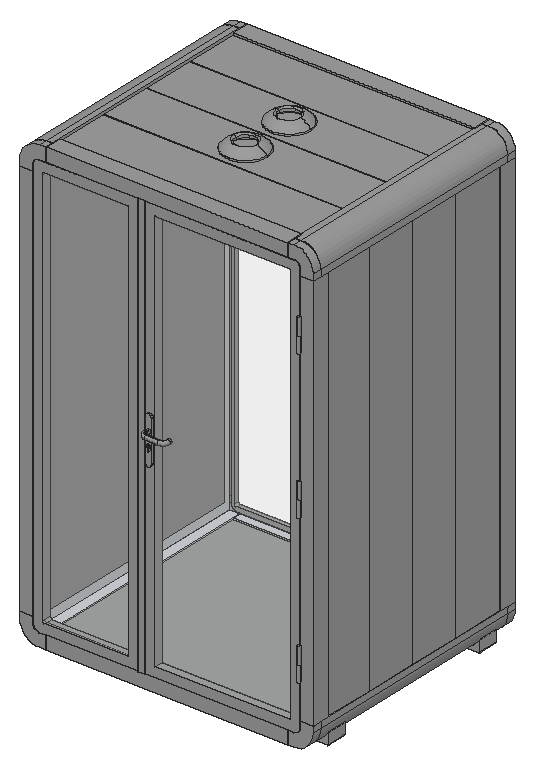
Revit family "Inbox Booths_Medium Booth", category Furniture, Revit 2024
Family settings
  OmniClass Number = 23.40.20.00
  OmniClass Title = General Furniture and Specialties
  Work Plane-Based = No
  Enable Cutting in Views = No
  Always vertical = Yes
  Cut with Voids When Loaded = No
  Render Appearance Source = Family Geometry
  Shared = No
  Room Calculation Point = No
Parameters
  WIDTH (DO NOT EDIT) = 1500 mm  # constant formula
  WEIGHT (DO NOT EDIT) = "387 kg"  # constant formula
  URL = "https://inboxbooths.com/"
  Type Comments = "Medium Booth"
  Product Specific URL (Manufacturer) = "https://inboxbooths.com/product/one-plus-booth/"
  Product Category = "Loose Furniture"
  OwnedBy = "Inbox Booths"  # constant formula
  Model = "Medium Booth"
  Manufacturer = "Inbox Booths"  # constant formula
  HEIGHT (DO NOT EDIT) = 2300 mm  # constant formula
  Description = "Medium portable privacy booth offers individual users a confidential space for phone calls or private meetings in any environment.\r\nportable privacy booth offers individual users a confidential space for phone calls or private meetings in any environment.\r\nportable privacy booth offers individual users a confidential space for phone calls or private meetings in any environment."
  Default Elevation [instance] = 0 mm
  DEPTH (DO NOT EDIT) = 1286 mm  # constant formula
  CreatedBy = "Inbox Booths"  # constant formula
  BIM Content Publish Revit Version = "Revit 2024.1"  # constant formula
  BIM Content Publish Date = "26.4.2024"  # constant formula
  BIM Content Copyright = "Inbox Booths"  # constant formula
  BB_Set Out Lines = yes
  BB_Pet Panel = Default
  BB_Light Source = Default Light Source
  BB_Hardware (non-editable finish) = Default
  BB_Glass Edge (non-editable finish) = Default
  BB_Glass = Glass
  BB_Floor Carpet = Default
  BB_Exterior Shell = Default
  BB_Door Swing = yes
  AREA (DO NOT EDIT) = 1929 mm  # constant formula
Reference planes
  plane 1 "Front": y = 0
  plane 2: z = 0
  plane 3 "Center L/S": y = 1286
  plane 4 "Center L/U": y = 643
  plane 5: x = -416.493
  plane 6: z = 10
  plane 7: z = 2310
  plane 8: z = 1160
  plane 9: x = 1083.507
  plane 10: x = 333.507
Forms (mm)
  Extrusion 1, solid, material "Default" <- "BB_Exterior Shell"
    sketch origin (0, 0, 0) x (1, 0, 0) y (0, 0, 1)
      loop
        line (-286.493, 2243) -> (953.507, 2243) -> (953.507, 2310) -> (-286.493, 2310) -> (-286.493, 2243)
    from -90 to 0
  Extrusion 2, solid, material "Default" <- "BB_Exterior Shell"
    sketch origin (0, 986, 0) x (1, 0, 0) y (0, 0, -1)
      loop
        line (-286.493, -2243) -> (-286.493, -2310) -> (953.507, -2310) -> (953.507, -2243) -> (-286.493, -2243)
    from 300 to 210
  Extrusion 3, solid, material "Default" <- "BB_Exterior Shell"
    sketch origin (0, 0, 2320) x (1, 0, 0) y (0, 0, 1)
      loop
        line (-286.493, -2243) -> (-286.493, -2310) -> (953.507, -2310) -> (953.507, -2243) -> (-286.493, -2243)
    from -90 to 0
  Extrusion 4, solid, material "Default" <- "BB_Exterior Shell"
    sketch origin (108.507, 0, 0) x (0, 1, 0) y (0, 0, 1)
      loop
        line (1286, 140) -> (1286, 2180) -> (1196, 2180) -> (1196, 140) -> (1286, 140)
      loop
        line (0, 2180) -> (0, 140) -> (90, 140) -> (90, 2180) -> (0, 2180)
    from -458 to -525
  Extrusion 5, solid
    sketch origin (98.507, -46.5, 0) x (0, 1, 0) y (0, 0, 1)
      loop
        line (91.5, 2233) -> (91.5, 87) -> (1287.5, 87) -> (1287.5, 2233) -> (91.5, 2233)
    from -448 to -438
  Extrusion 6, solid
    sketch origin (0, 0, 0) x (1, 0, 0) y (0, 0, 1)
      loop
        line (-349.493, 77) -> (-286.493, 77) -> (-286.493, 87) -> (-349.493, 87) -> (-349.493, 77)
      loop
        line (953.507, 77) -> (1016.507, 77) -> (1016.507, 87) -> (953.507, 87) -> (953.507, 77)
      loop
        line (-349.493, 2243) -> (-349.493, 2233) -> (-286.493, 2233) -> (-286.493, 2243) -> (-349.493, 2243)
      loop
        line (1016.507, 2243) -> (953.507, 2243) -> (953.507, 2233) -> (1016.507, 2233) -> (1016.507, 2243)
    from -1241 to -45
  Extrusion 7, solid
    sketch origin (0, 0, 0) x (1, 0, 0) y (0, 1, 0)
      loop
        line (953.507, 1196) -> (953.507, 1241) -> (-286.493, 1241) -> (-286.493, 1196) -> (953.507, 1196)
      loop
        line (-286.493, 45) -> (953.507, 45) -> (953.507, 90) -> (-286.493, 90) -> (-286.493, 45)
    from 87 to 77
  Extrusion 8, solid
    sketch origin (0, 0, 2156) x (1, 0, 0) y (0, 1, 0)
      loop
        line (953.507, 1196) -> (953.507, 1261) -> (-286.493, 1261) -> (-286.493, 1196) -> (953.507, 1196)
      loop
        line (-286.493, 45) -> (953.507, 45) -> (953.507, 108) -> (-286.493, 108) -> (-286.493, 45)
    from 87 to 77
  Extrusion 9, solid, material "Default" <- "BB_Exterior Shell"
    sketch origin (0, 896, 2320) x (1, 0, 0) y (0, 0, -1)
      loop
        line (-286.493, 2243) -> (953.507, 2243) -> (953.507, 2310) -> (-286.493, 2310) -> (-286.493, 2243)
    from 390 to 300
  Extrusion 10, solid, material "Default" <- "BB_Exterior Shell"
    sketch origin (0, 90, 2320) x (1, 0, 0) y (0, 0, 1)
      loop
        line (-286.493, -2243) -> (-286.493, -2310) -> (953.507, -2310) -> (953.507, -2243) -> (-286.493, -2243)
    from -276.5 to 0
  Extrusion 11, solid, material "Default" <- "BB_Floor Carpet"
    sketch origin (0, 0, 0) x (1, 0, 0) y (0, 1, 0)
      loop
        line (953.507, 1196) -> (-286.493, 1196) -> (-286.493, 90) -> (953.507, 90) -> (953.507, 1196)
    from 77 to 82.752
  Extrusion 12, solid, material "Default" <- "BB_Pet Panel"
    sketch origin (0, 0, 2160.248) x (0, -1, 0) y (1, 0, 0)
      loop
        line (-1196, 953.507) -> (-1196, -286.493) -> (-108, -286.493) -> (-108, 953.507) -> (-1196, 953.507)
    from 77 to 82.752
  Extrusion 13, solid, material "Default" <- "BB_Exterior Shell"
    sketch origin (0, 343.5, 4543) x (1, 0, 0) y (0, 0, -1)
      loop
        line (-286.493, 2243) -> (953.507, 2243) -> (953.507, 2300) -> (-286.493, 2300) -> (-286.493, 2243)
    from -253.5 to 23
  Extrusion 14, solid, material "Default" <- "BB_Glass Edge (non-editable finish)"
    sketch origin (0, -1616.475, 0) x (1, 0, 0) y (0, 0, 1)
      loop
        arc (-317.493, 2243) -> (-340.12, 2233.627) -> (-349.493, 2211) r 32
        line (-349.493, 2211) -> (-349.493, 109)
        arc (-349.493, 109) -> (-340.12, 86.373) -> (-317.493, 77) r 32
        line (-317.493, 77) -> (188.507, 77) -> (188.507, 2243) -> (-317.493, 2243)
      loop
        line (138.507, 127) -> (138.507, 2193) -> (-286.493, 2193)
        arc (-286.493, 2193) -> (-296.023, 2189.531) -> (-299.493, 2180) r 12
        line (-299.493, 2180) -> (-299.493, 139)
        arc (-299.493, 139) -> (-295.978, 130.515) -> (-287.493, 127) r 12
        line (-287.493, 127) -> (138.507, 127)
    from -1661.475 to -1616.475
  Extrusion 15, solid, material "Default" <- "BB_Exterior Shell"
    sketch origin (-375, 90, 2320) x (1, 0, 0) y (0, 0, 1)
      loop
        arc (-41.493, -2210) -> (-12.203, -2280.711) -> (58.507, -2310) r 100
        line (58.507, -2310) -> (88.507, -2310) -> (88.507, -2243) -> (57.507, -2243)
        arc (57.507, -2243) -> (34.88, -2233.627) -> (25.507, -2211) r 32
        line (25.507, -2211) -> (25.507, -2180) -> (-41.493, -2180) -> (-41.493, -2210)
    from 45 to 90
  Extrusion 16, solid, material "Default" <- "BB_Exterior Shell"
    sketch origin (-375, 1631, 2320) x (1, 0, 0) y (0, 0, 1)
      loop
        arc (-41.493, -2210) -> (-12.203, -2280.711) -> (58.507, -2310) r 100
        line (58.507, -2310) -> (88.507, -2310) -> (88.507, -2243) -> (57.507, -2243)
        arc (57.507, -2243) -> (34.88, -2233.627) -> (25.507, -2211) r 32
        line (25.507, -2211) -> (25.507, -2180) -> (-41.493, -2180) -> (-41.493, -2210)
    from 345 to 390
  Extrusion 17, solid, material "Default" <- "BB_Exterior Shell"
    sketch origin (-375, 1631, 0) x (1, 0, 0) y (0, 0, 1)
      loop
        line (-41.493, 2210) -> (-41.493, 2180) -> (25.507, 2180) -> (25.507, 2211)
        arc (25.507, 2211) -> (34.88, 2233.627) -> (57.507, 2243) r 32
        line (57.507, 2243) -> (88.507, 2243) -> (88.507, 2310) -> (58.507, 2310)
        arc (58.507, 2310) -> (-12.203, 2280.711) -> (-41.493, 2210) r 100
    from 345 to 390
  Extrusion 18, solid, material "Default" <- "BB_Exterior Shell"
    sketch origin (-375, 1451, 2320) x (1, 0, 0) y (0, 0, -1)
      loop
        line (-41.493, 2210) -> (-41.493, 2180) -> (25.507, 2180) -> (25.507, 2211)
        arc (25.507, 2211) -> (34.88, 2233.627) -> (57.507, 2243) r 32
        line (57.507, 2243) -> (88.507, 2243) -> (88.507, 2310) -> (58.507, 2310)
        arc (58.507, 2310) -> (-12.203, 2280.711) -> (-41.493, 2210) r 100
    from -1406 to -210
  Extrusion 19, solid, material "Default" <- "BB_Exterior Shell"
    sketch origin (-501.493, 1281, 0) x (0, -1, 0) y (0, 0, -1)
      loop
        line (85, -2180) -> (361.5, -2180) -> (361.5, -140) -> (85, -140) -> (85, -2180)
    from 92 to 152
  Extrusion 20, solid, material "Default" <- "BB_Exterior Shell"
    sketch origin (0, 793, 2320) x (1, 0, 0) y (0, 0, -1)
      loop
        line (-286.493, 2243) -> (953.507, 2243) -> (953.507, 2310) -> (-286.493, 2310) -> (-286.493, 2243)
    from -426.5 to -150
  Extrusion 21, solid, material "Default" <- "BB_Exterior Shell"
    sketch origin (558.507, 0, 0) x (0, 1, 0) y (0, 0, -1)
      loop
        line (1286, -140) -> (1196, -140) -> (1196, -2180) -> (1286, -2180) -> (1286, -140)
      loop
        line (0, -2180) -> (90, -2180) -> (90, -140) -> (0, -140) -> (0, -2180)
    from -458 to -525
  Extrusion 22, solid, material "Default" <- "BB_Exterior Shell"
    sketch origin (1042.015, 90, 2320) x (-1, 0, 0) y (0, 0, -1)
      loop
        line (-41.493, 2210) -> (-41.493, 2180) -> (25.507, 2180) -> (25.507, 2211)
        arc (25.507, 2211) -> (34.88, 2233.627) -> (57.507, 2243) r 32
        line (57.507, 2243) -> (88.507, 2243) -> (88.507, 2310) -> (58.507, 2310)
        arc (58.507, 2310) -> (-12.203, 2280.711) -> (-41.493, 2210) r 100
    from 45 to 90
  Extrusion 23, solid, material "Default" <- "BB_Exterior Shell"
    sketch origin (1042.015, 1631, 2320) x (-1, 0, 0) y (0, 0, -1)
      loop
        line (-41.493, 2210) -> (-41.493, 2180) -> (25.507, 2180) -> (25.507, 2211)
        arc (25.507, 2211) -> (34.88, 2233.627) -> (57.507, 2243) r 32
        line (57.507, 2243) -> (88.507, 2243) -> (88.507, 2310) -> (58.507, 2310)
        arc (58.507, 2310) -> (-12.203, 2280.711) -> (-41.493, 2210) r 100
    from 345 to 390
  Extrusion 24, solid, material "Default" <- "BB_Exterior Shell"
    sketch origin (1042.015, 1631, 0) x (-1, 0, 0) y (0, 0, -1)
      loop
        arc (-41.493, -2210) -> (-12.203, -2280.711) -> (58.507, -2310) r 100
        line (58.507, -2310) -> (88.507, -2310) -> (88.507, -2243) -> (57.507, -2243)
        arc (57.507, -2243) -> (34.88, -2233.627) -> (25.507, -2211) r 32
        line (25.507, -2211) -> (25.507, -2180) -> (-41.493, -2180) -> (-41.493, -2210)
    from 345 to 390
  Extrusion 25, solid, material "Default" <- "BB_Exterior Shell"
    sketch origin (1042.015, 1451, 0) x (-1, 0, 0) y (0, 0, 1)
      loop
        line (-41.493, 2210) -> (-41.493, 2180) -> (25.507, 2180) -> (25.507, 2211)
        arc (25.507, 2211) -> (34.88, 2233.627) -> (57.507, 2243) r 32
        line (57.507, 2243) -> (88.507, 2243) -> (88.507, 2310) -> (58.507, 2310)
        arc (58.507, 2310) -> (-12.203, 2280.711) -> (-41.493, 2210) r 100
    from -1406 to -210
  Extrusion 26, solid, material "Default" <- "BB_Exterior Shell"
    sketch origin (1042.015, 1451, 2320) x (-1, 0, 0) y (0, 0, 1)
      loop
        arc (-41.493, -2210) -> (-12.203, -2280.711) -> (58.507, -2310) r 100
        line (58.507, -2310) -> (88.507, -2310) -> (88.507, -2243) -> (57.507, -2243)
        arc (57.507, -2243) -> (34.88, -2233.627) -> (25.507, -2211) r 32
        line (25.507, -2211) -> (25.507, -2180) -> (-41.493, -2180) -> (-41.493, -2210)
    from -1406 to -210
  Extrusion 27, solid
    sketch origin (568.507, -46.5, 0) x (0, 1, 0) y (0, 0, -1)
      loop
        line (91.5, -2233) -> (1287.5, -2233) -> (1287.5, -87) -> (91.5, -87) -> (91.5, -2233)
    from -448 to -438
  Extrusion 28, solid, material "Default" <- "BB_Exterior Shell"
    sketch origin (-375, 1451, 0) x (1, 0, 0) y (0, 0, -1)
      loop
        arc (-41.493, -2210) -> (-12.203, -2280.711) -> (58.507, -2310) r 100
        line (58.507, -2310) -> (88.507, -2310) -> (88.507, -2243) -> (57.507, -2243)
        arc (57.507, -2243) -> (34.88, -2233.627) -> (25.507, -2211) r 32
        line (25.507, -2211) -> (25.507, -2180) -> (-41.493, -2180) -> (-41.493, -2210)
    from -1406 to -210
  Extrusion 29, solid, material "Default" <- "BB_Exterior Shell"
    sketch origin (-375, -345, 0) x (1, 0, 0) y (0, 0, -1)
      loop
        arc (-41.493, -2210) -> (-12.203, -2280.711) -> (58.507, -2310) r 100
        line (58.507, -2310) -> (88.507, -2310) -> (88.507, -2243) -> (57.507, -2243)
        arc (57.507, -2243) -> (34.88, -2233.627) -> (25.507, -2211) r 32
        line (25.507, -2211) -> (25.507, -2180) -> (-41.493, -2180) -> (-41.493, -2210)
    from 345 to 390
  Extrusion 30, solid, material "Default" <- "BB_Exterior Shell"
    sketch origin (1042.015, -345, 0) x (-1, 0, 0) y (0, 0, 1)
      loop
        line (-41.493, 2210) -> (-41.493, 2180) -> (25.507, 2180) -> (25.507, 2211)
        arc (25.507, 2211) -> (34.88, 2233.627) -> (57.507, 2243) r 32
        line (57.507, 2243) -> (88.507, 2243) -> (88.507, 2310) -> (58.507, 2310)
        arc (58.507, 2310) -> (-12.203, 2280.711) -> (-41.493, 2210) r 100
    from 345 to 390
  Extrusion 31, solid, material "Default" <- "BB_Exterior Shell"
    sketch origin (-501.493, 558, 0) x (0, 1, 0) y (0, 0, 1)
      loop
        line (85, 2180) -> (85, 140) -> (361.5, 140) -> (361.5, 2180) -> (85, 2180)
    from 92 to 152
  Extrusion 32, solid, material "Default" <- "BB_Exterior Shell"
    sketch origin (-501.493, 728, 0) x (0, -1, 0) y (0, 0, -1)
      loop
        line (85, -2180) -> (361.5, -2180) -> (361.5, -140) -> (85, -140) -> (85, -2180)
    from 92 to 152
  Extrusion 33, solid, material "Default" <- "BB_Exterior Shell"
    sketch origin (-501.493, 5, 0) x (0, 1, 0) y (0, 0, 1)
      loop
        line (85, 2180) -> (85, 140) -> (361.5, 140) -> (361.5, 2180) -> (85, 2180)
    from 92 to 152
  Extrusion 34, solid, material "Default" <- "BB_Exterior Shell"
    sketch origin (0, 389.5, 4543) x (1, 0, 0) y (0, 0, 1)
      loop
        line (-286.493, -2243) -> (-286.493, -2300) -> (953.507, -2300) -> (953.507, -2243) -> (-286.493, -2243)
    from -253.5 to 23
  Extrusion 35, solid, material "Default" <- "BB_Exterior Shell"
    sketch origin (0, 896.5, 4543) x (1, 0, 0) y (0, 0, -1)
      loop
        line (-286.493, 2243) -> (953.507, 2243) -> (953.507, 2300) -> (-286.493, 2300) -> (-286.493, 2243)
    from -253.5 to 23
  Extrusion 36, solid, material "Default" <- "BB_Exterior Shell"
    sketch origin (0, 942.5, 4543) x (1, 0, 0) y (0, 0, 1)
      loop
        line (-286.493, -2243) -> (-286.493, -2300) -> (953.507, -2300) -> (953.507, -2243) -> (-286.493, -2243)
    from -253.5 to 23
  Extrusion 37, solid, material "Default" <- "BB_Exterior Shell"
    sketch origin (1168.507, 1281, 0) x (0, -1, 0) y (0, 0, 1)
      loop
        line (85, 2180) -> (85, 140) -> (361.5, 140) -> (361.5, 2180) -> (85, 2180)
    from 92 to 152
  Extrusion 38, solid, material "Default" <- "BB_Exterior Shell"
    sketch origin (1168.507, 558, 0) x (0, 1, 0) y (0, 0, -1)
      loop
        line (85, -2180) -> (361.5, -2180) -> (361.5, -140) -> (85, -140) -> (85, -2180)
    from 92 to 152
  Extrusion 39, solid, material "Default" <- "BB_Exterior Shell"
    sketch origin (1168.507, 728, 0) x (0, -1, 0) y (0, 0, 1)
      loop
        line (85, 2180) -> (85, 140) -> (361.5, 140) -> (361.5, 2180) -> (85, 2180)
    from 92 to 152
  Extrusion 40, solid, material "Default" <- "BB_Exterior Shell"
    sketch origin (1168.507, 5, 0) x (0, 1, 0) y (0, 0, -1)
      loop
        line (85, -2180) -> (361.5, -2180) -> (361.5, -140) -> (85, -140) -> (85, -2180)
    from 92 to 152
  Extrusion 41, solid, material "Glass" <- "BB_Glass"
    sketch origin (0, 0, 0) x (1, 0, 0) y (0, 0, 1)
      loop
        line (138.507, 127) -> (138.507, 2193) -> (-286.493, 2193)
        arc (-286.493, 2193) -> (-296.023, 2189.531) -> (-299.493, 2180) r 12
        line (-299.493, 2180) -> (-299.493, 139)
        arc (-299.493, 139) -> (-295.978, 130.515) -> (-287.493, 127) r 12
        line (-287.493, 127) -> (138.507, 127)
    from -11 to 0
  Extrusion 42, solid, material "Default" <- "BB_Exterior Shell"
    sketch origin (0, 493, 2320) x (1, 0, 0) y (0, 0, 1)
      loop
        line (-286.493, -2243) -> (-286.493, -2310) -> (953.507, -2310) -> (953.507, -2243) -> (-286.493, -2243)
    from -426.5 to -150
  Extrusion 43, solid, material "Default" <- "BB_Exterior Shell"
    sketch origin (0, 1346, 2320) x (1, 0, 0) y (0, 0, -1)
      loop
        line (-286.493, 2243) -> (953.507, 2243) -> (953.507, 2310) -> (-286.493, 2310) -> (-286.493, 2243)
    from -426.5 to -150
  Extrusion 44, solid, material "Default" <- "BB_Exterior Shell"
    sketch origin (528.507, 0, 0) x (0, 1, 0) y (0, 0, 1)
      loop
        line (0, 2243) -> (0, 77) -> (45, 77) -> (45, 2243) -> (0, 2243)
    from -306 to -340
  Extrusion 45, solid, material "Default" <- "BB_Glass Edge (non-editable finish)"
    sketch origin (0, -341.475, 0) x (1, 0, 0) y (0, 0, 1)
      loop
        arc (-317.493, 2243) -> (-340.12, 2233.627) -> (-349.493, 2211) r 32
        line (-349.493, 2211) -> (-349.493, 109)
        arc (-349.493, 109) -> (-340.12, 86.373) -> (-317.493, 77) r 32
        line (-317.493, 77) -> (984.507, 77)
        arc (984.507, 77) -> (1007.135, 86.373) -> (1016.507, 109) r 32
        line (1016.507, 109) -> (1016.507, 2211)
        arc (1016.507, 2211) -> (1007.135, 2233.627) -> (984.507, 2243) r 32
        line (984.507, 2243) -> (-317.493, 2243)
      loop
        arc (996.507, 2211) -> (992.993, 2219.485) -> (984.507, 2223) r 12
        line (984.507, 2223) -> (-317.493, 2223)
        arc (-317.493, 2223) -> (-325.978, 2219.485) -> (-329.493, 2211) r 12
        line (-329.493, 2211) -> (-329.493, 109)
        arc (-329.493, 109) -> (-325.978, 100.515) -> (-317.493, 97) r 12
        line (-317.493, 97) -> (984.507, 97)
        arc (984.507, 97) -> (992.993, 100.515) -> (996.507, 109) r 12
        line (996.507, 109) -> (996.507, 2211)
    from -1627.475 to -1602.475
  Extrusion 46, solid, material "Glass" <- "BB_Glass"
    sketch origin (0, 1275, 0) x (1, 0, 0) y (0, 0, 1)
      loop
        line (984.507, 2223) -> (333.507, 2223) -> (333.507, 97) -> (984.507, 97)
        arc (984.507, 97) -> (992.993, 100.515) -> (996.507, 109) r 12
        line (996.507, 109) -> (996.507, 2211)
        arc (996.507, 2211) -> (992.993, 2219.485) -> (984.507, 2223) r 12
    from -11 to 14
  Extrusion 47, solid, material "Default" <- "BB_Exterior Shell", not visible
    sketch origin (0, 0, 0) x (1, 0, 0) y (0, 0, 1)
      loop
        line (-286.493, 2243) -> (953.507, 2243) -> (953.507, 2310) -> (-286.493, 2310) -> (-286.493, 2243)
    from -90 to 0
  Extrusion 48, solid, material "Default" <- "BB_Exterior Shell", not visible
    sketch origin (0, 986, 0) x (1, 0, 0) y (0, 0, -1)
      loop
        line (-286.493, -2243) -> (-286.493, -2310) -> (953.507, -2310) -> (953.507, -2243) -> (-286.493, -2243)
    from 300 to 210
  Extrusion 49, solid, material "Default" <- "BB_Exterior Shell", not visible
    sketch origin (0, 0, 2320) x (1, 0, 0) y (0, 0, 1)
      loop
        line (-286.493, -2243) -> (-286.493, -2310) -> (953.507, -2310) -> (953.507, -2243) -> (-286.493, -2243)
    from -90 to 0
  Extrusion 50, solid, material "Default" <- "BB_Exterior Shell", not visible
    sketch origin (108.507, 0, 0) x (0, 1, 0) y (0, 0, 1)
      loop
        line (1286, 140) -> (1286, 2180) -> (1196, 2180) -> (1196, 140) -> (1286, 140)
      loop
        line (0, 2180) -> (0, 140) -> (90, 140) -> (90, 2180) -> (0, 2180)
    from -458 to -525
  Extrusion 51, solid, not visible
    sketch origin (98.507, -46.5, 0) x (0, 1, 0) y (0, 0, 1)
      loop
        line (91.5, 2233) -> (91.5, 87) -> (1287.5, 87) -> (1287.5, 2233) -> (91.5, 2233)
    from -448 to -438
  Extrusion 52, solid, not visible
    sketch origin (0, 0, 0) x (1, 0, 0) y (0, 0, 1)
      loop
        line (-349.493, 77) -> (-286.493, 77) -> (-286.493, 87) -> (-349.493, 87) -> (-349.493, 77)
      loop
        line (953.507, 77) -> (1016.507, 77) -> (1016.507, 87) -> (953.507, 87) -> (953.507, 77)
      loop
        line (-349.493, 2243) -> (-349.493, 2233) -> (-286.493, 2233) -> (-286.493, 2243) -> (-349.493, 2243)
      loop
        line (1016.507, 2243) -> (953.507, 2243) -> (953.507, 2233) -> (1016.507, 2233) -> (1016.507, 2243)
    from -1241 to -45
  Extrusion 53, solid, not visible
    sketch origin (0, 0, 0) x (1, 0, 0) y (0, 1, 0)
      loop
        line (953.507, 1196) -> (953.507, 1241) -> (-286.493, 1241) -> (-286.493, 1196) -> (953.507, 1196)
      loop
        line (-286.493, 45) -> (953.507, 45) -> (953.507, 90) -> (-286.493, 90) -> (-286.493, 45)
    from 87 to 77
  Extrusion 54, solid, not visible
    sketch origin (0, 0, 2156) x (1, 0, 0) y (0, 1, 0)
      loop
        line (953.507, 1196) -> (953.507, 1261) -> (-286.493, 1261) -> (-286.493, 1196) -> (953.507, 1196)
      loop
        line (-286.493, 45) -> (953.507, 45) -> (953.507, 108) -> (-286.493, 108) -> (-286.493, 45)
    from 87 to 77
  Extrusion 55, solid, material "Default" <- "BB_Exterior Shell", not visible
    sketch origin (0, 896, 2320) x (1, 0, 0) y (0, 0, -1)
      loop
        line (-286.493, 2243) -> (953.507, 2243) -> (953.507, 2310) -> (-286.493, 2310) -> (-286.493, 2243)
    from 390 to 300
  Extrusion 56, solid, material "Default" <- "BB_Exterior Shell", not visible
    sketch origin (0, 90, 2320) x (1, 0, 0) y (0, 0, 1)
      loop
        line (-286.493, -2243) -> (-286.493, -2310) -> (953.507, -2310) -> (953.507, -2243) -> (-286.493, -2243)
    from -276.5 to 0
  Extrusion 57, solid, material "Default" <- "BB_Exterior Shell", not visible
    sketch origin (0, 343.5, 4543) x (1, 0, 0) y (0, 0, -1)
      loop
        line (-286.493, 2243) -> (953.507, 2243) -> (953.507, 2300) -> (-286.493, 2300) -> (-286.493, 2243)
    from -253.5 to 23
  Extrusion 58, solid, material "Default" <- "BB_Glass Edge (non-editable finish)", not visible
    sketch origin (0, -1616.475, 0) x (1, 0, 0) y (0, 0, 1)
      loop
        arc (-317.493, 2243) -> (-340.12, 2233.627) -> (-349.493, 2211) r 32
        line (-349.493, 2211) -> (-349.493, 109)
        arc (-349.493, 109) -> (-340.12, 86.373) -> (-317.493, 77) r 32
        line (-317.493, 77) -> (188.507, 77) -> (188.507, 2243) -> (-317.493, 2243)
      loop
        line (138.507, 127) -> (138.507, 2193) -> (-286.493, 2193)
        arc (-286.493, 2193) -> (-296.023, 2189.531) -> (-299.493, 2180) r 12
        line (-299.493, 2180) -> (-299.493, 139)
        arc (-299.493, 139) -> (-295.978, 130.515) -> (-287.493, 127) r 12
        line (-287.493, 127) -> (138.507, 127)
    from -1661.475 to -1616.475
  Extrusion 59, solid, material "Default" <- "BB_Exterior Shell", not visible
    sketch origin (-375, 90, 2320) x (1, 0, 0) y (0, 0, 1)
      loop
        arc (-41.493, -2210) -> (-12.203, -2280.711) -> (58.507, -2310) r 100
        line (58.507, -2310) -> (88.507, -2310) -> (88.507, -2243) -> (57.507, -2243)
        arc (57.507, -2243) -> (34.88, -2233.627) -> (25.507, -2211) r 32
        line (25.507, -2211) -> (25.507, -2180) -> (-41.493, -2180) -> (-41.493, -2210)
    from 45 to 90
  Extrusion 60, solid, material "Default" <- "BB_Exterior Shell", not visible
    sketch origin (-375, 1631, 2320) x (1, 0, 0) y (0, 0, 1)
      loop
        arc (-41.493, -2210) -> (-12.203, -2280.711) -> (58.507, -2310) r 100
        line (58.507, -2310) -> (88.507, -2310) -> (88.507, -2243) -> (57.507, -2243)
        arc (57.507, -2243) -> (34.88, -2233.627) -> (25.507, -2211) r 32
        line (25.507, -2211) -> (25.507, -2180) -> (-41.493, -2180) -> (-41.493, -2210)
    from 345 to 390
  Extrusion 61, solid, material "Default" <- "BB_Exterior Shell", not visible
    sketch origin (-375, 1631, 0) x (1, 0, 0) y (0, 0, 1)
      loop
        line (-41.493, 2210) -> (-41.493, 2180) -> (25.507, 2180) -> (25.507, 2211)
        arc (25.507, 2211) -> (34.88, 2233.627) -> (57.507, 2243) r 32
        line (57.507, 2243) -> (88.507, 2243) -> (88.507, 2310) -> (58.507, 2310)
        arc (58.507, 2310) -> (-12.203, 2280.711) -> (-41.493, 2210) r 100
    from 345 to 390
  Extrusion 62, solid, material "Default" <- "BB_Exterior Shell", not visible
    sketch origin (-375, 1451, 2320) x (1, 0, 0) y (0, 0, -1)
      loop
        line (-41.493, 2210) -> (-41.493, 2180) -> (25.507, 2180) -> (25.507, 2211)
        arc (25.507, 2211) -> (34.88, 2233.627) -> (57.507, 2243) r 32
        line (57.507, 2243) -> (88.507, 2243) -> (88.507, 2310) -> (58.507, 2310)
        arc (58.507, 2310) -> (-12.203, 2280.711) -> (-41.493, 2210) r 100
    from -1406 to -210
  Extrusion 63, solid, material "Default" <- "BB_Exterior Shell", not visible
    sketch origin (-501.493, 1281, 0) x (0, -1, 0) y (0, 0, -1)
      loop
        line (85, -2180) -> (361.5, -2180) -> (361.5, -140) -> (85, -140) -> (85, -2180)
    from 92 to 152
  Extrusion 64, solid, material "Default" <- "BB_Exterior Shell", not visible
    sketch origin (0, 793, 2320) x (1, 0, 0) y (0, 0, -1)
      loop
        line (-286.493, 2243) -> (953.507, 2243) -> (953.507, 2310) -> (-286.493, 2310) -> (-286.493, 2243)
    from -426.5 to -150
  Extrusion 65, solid, material "Default" <- "BB_Exterior Shell", not visible
    sketch origin (558.507, 0, 0) x (0, 1, 0) y (0, 0, -1)
      loop
        line (1286, -140) -> (1196, -140) -> (1196, -2180) -> (1286, -2180) -> (1286, -140)
      loop
        line (0, -2180) -> (90, -2180) -> (90, -140) -> (0, -140) -> (0, -2180)
    from -458 to -525
  Extrusion 66, solid, material "Default" <- "BB_Exterior Shell", not visible
    sketch origin (1042.015, 90, 2320) x (-1, 0, 0) y (0, 0, -1)
      loop
        line (-41.493, 2210) -> (-41.493, 2180) -> (25.507, 2180) -> (25.507, 2211)
        arc (25.507, 2211) -> (34.88, 2233.627) -> (57.507, 2243) r 32
        line (57.507, 2243) -> (88.507, 2243) -> (88.507, 2310) -> (58.507, 2310)
        arc (58.507, 2310) -> (-12.203, 2280.711) -> (-41.493, 2210) r 100
    from 45 to 90
  Extrusion 67, solid, material "Default" <- "BB_Exterior Shell", not visible
    sketch origin (1042.015, 1631, 2320) x (-1, 0, 0) y (0, 0, -1)
      loop
        line (-41.493, 2210) -> (-41.493, 2180) -> (25.507, 2180) -> (25.507, 2211)
        arc (25.507, 2211) -> (34.88, 2233.627) -> (57.507, 2243) r 32
        line (57.507, 2243) -> (88.507, 2243) -> (88.507, 2310) -> (58.507, 2310)
        arc (58.507, 2310) -> (-12.203, 2280.711) -> (-41.493, 2210) r 100
    from 345 to 390
  Extrusion 68, solid, material "Default" <- "BB_Exterior Shell", not visible
    sketch origin (1042.015, 1631, 0) x (-1, 0, 0) y (0, 0, -1)
      loop
        arc (-41.493, -2210) -> (-12.203, -2280.711) -> (58.507, -2310) r 100
        line (58.507, -2310) -> (88.507, -2310) -> (88.507, -2243) -> (57.507, -2243)
        arc (57.507, -2243) -> (34.88, -2233.627) -> (25.507, -2211) r 32
        line (25.507, -2211) -> (25.507, -2180) -> (-41.493, -2180) -> (-41.493, -2210)
    from 345 to 390
  Extrusion 69, solid, material "Default" <- "BB_Exterior Shell", not visible
    sketch origin (1042.015, 1451, 0) x (-1, 0, 0) y (0, 0, 1)
      loop
        line (-41.493, 2210) -> (-41.493, 2180) -> (25.507, 2180) -> (25.507, 2211)
        arc (25.507, 2211) -> (34.88, 2233.627) -> (57.507, 2243) r 32
        line (57.507, 2243) -> (88.507, 2243) -> (88.507, 2310) -> (58.507, 2310)
        arc (58.507, 2310) -> (-12.203, 2280.711) -> (-41.493, 2210) r 100
    from -1406 to -210
  Extrusion 70, solid, material "Default" <- "BB_Exterior Shell", not visible
    sketch origin (1042.015, 1451, 2320) x (-1, 0, 0) y (0, 0, 1)
      loop
        arc (-41.493, -2210) -> (-12.203, -2280.711) -> (58.507, -2310) r 100
        line (58.507, -2310) -> (88.507, -2310) -> (88.507, -2243) -> (57.507, -2243)
        arc (57.507, -2243) -> (34.88, -2233.627) -> (25.507, -2211) r 32
        line (25.507, -2211) -> (25.507, -2180) -> (-41.493, -2180) -> (-41.493, -2210)
    from -1406 to -210
  Extrusion 71, solid, not visible
    sketch origin (568.507, -46.5, 0) x (0, 1, 0) y (0, 0, -1)
      loop
        line (91.5, -2233) -> (1287.5, -2233) -> (1287.5, -87) -> (91.5, -87) -> (91.5, -2233)
    from -448 to -438
  Extrusion 72, solid, material "Default" <- "BB_Exterior Shell", not visible
    sketch origin (-375, 1451, 0) x (1, 0, 0) y (0, 0, -1)
      loop
        arc (-41.493, -2210) -> (-12.203, -2280.711) -> (58.507, -2310) r 100
        line (58.507, -2310) -> (88.507, -2310) -> (88.507, -2243) -> (57.507, -2243)
        arc (57.507, -2243) -> (34.88, -2233.627) -> (25.507, -2211) r 32
        line (25.507, -2211) -> (25.507, -2180) -> (-41.493, -2180) -> (-41.493, -2210)
    from -1406 to -210
  Extrusion 73, solid, material "Default" <- "BB_Exterior Shell", not visible
    sketch origin (-375, -345, 0) x (1, 0, 0) y (0, 0, -1)
      loop
        arc (-41.493, -2210) -> (-12.203, -2280.711) -> (58.507, -2310) r 100
        line (58.507, -2310) -> (88.507, -2310) -> (88.507, -2243) -> (57.507, -2243)
        arc (57.507, -2243) -> (34.88, -2233.627) -> (25.507, -2211) r 32
        line (25.507, -2211) -> (25.507, -2180) -> (-41.493, -2180) -> (-41.493, -2210)
    from 345 to 390
  Extrusion 74, solid, material "Default" <- "BB_Exterior Shell", not visible
    sketch origin (1042.015, -345, 0) x (-1, 0, 0) y (0, 0, 1)
      loop
        line (-41.493, 2210) -> (-41.493, 2180) -> (25.507, 2180) -> (25.507, 2211)
        arc (25.507, 2211) -> (34.88, 2233.627) -> (57.507, 2243) r 32
        line (57.507, 2243) -> (88.507, 2243) -> (88.507, 2310) -> (58.507, 2310)
        arc (58.507, 2310) -> (-12.203, 2280.711) -> (-41.493, 2210) r 100
    from 345 to 390
  Extrusion 75, solid, material "Default" <- "BB_Exterior Shell", not visible
    sketch origin (-501.493, 558, 0) x (0, 1, 0) y (0, 0, 1)
      loop
        line (85, 2180) -> (85, 140) -> (361.5, 140) -> (361.5, 2180) -> (85, 2180)
    from 92 to 152
  Extrusion 76, solid, material "Default" <- "BB_Exterior Shell", not visible
    sketch origin (-501.493, 728, 0) x (0, -1, 0) y (0, 0, -1)
      loop
        line (85, -2180) -> (361.5, -2180) -> (361.5, -140) -> (85, -140) -> (85, -2180)
    from 92 to 152
  Extrusion 77, solid, material "Default" <- "BB_Exterior Shell", not visible
    sketch origin (-501.493, 5, 0) x (0, 1, 0) y (0, 0, 1)
      loop
        line (85, 2180) -> (85, 140) -> (361.5, 140) -> (361.5, 2180) -> (85, 2180)
    from 92 to 152
  Extrusion 78, solid, material "Default" <- "BB_Exterior Shell", not visible
    sketch origin (0, 389.5, 4543) x (1, 0, 0) y (0, 0, 1)
      loop
        line (-286.493, -2243) -> (-286.493, -2300) -> (953.507, -2300) -> (953.507, -2243) -> (-286.493, -2243)
    from -253.5 to 23
  Extrusion 79, solid, material "Default" <- "BB_Exterior Shell", not visible
    sketch origin (0, 896.5, 4543) x (1, 0, 0) y (0, 0, -1)
      loop
        line (-286.493, 2243) -> (953.507, 2243) -> (953.507, 2300) -> (-286.493, 2300) -> (-286.493, 2243)
    from -253.5 to 23
  Extrusion 80, solid, material "Default" <- "BB_Exterior Shell", not visible
    sketch origin (0, 942.5, 4543) x (1, 0, 0) y (0, 0, 1)
      loop
        line (-286.493, -2243) -> (-286.493, -2300) -> (953.507, -2300) -> (953.507, -2243) -> (-286.493, -2243)
    from -253.5 to 23
  Extrusion 81, solid, material "Default" <- "BB_Exterior Shell", not visible
    sketch origin (1168.507, 1281, 0) x (0, -1, 0) y (0, 0, 1)
      loop
        line (85, 2180) -> (85, 140) -> (361.5, 140) -> (361.5, 2180) -> (85, 2180)
    from 92 to 152
  Extrusion 82, solid, material "Default" <- "BB_Exterior Shell", not visible
    sketch origin (1168.507, 558, 0) x (0, 1, 0) y (0, 0, -1)
      loop
        line (85, -2180) -> (361.5, -2180) -> (361.5, -140) -> (85, -140) -> (85, -2180)
    from 92 to 152
  Extrusion 83, solid, material "Default" <- "BB_Exterior Shell", not visible
    sketch origin (1168.507, 728, 0) x (0, -1, 0) y (0, 0, 1)
      loop
        line (85, 2180) -> (85, 140) -> (361.5, 140) -> (361.5, 2180) -> (85, 2180)
    from 92 to 152
  Extrusion 84, solid, material "Default" <- "BB_Exterior Shell", not visible
    sketch origin (1168.507, 5, 0) x (0, 1, 0) y (0, 0, -1)
      loop
        line (85, -2180) -> (361.5, -2180) -> (361.5, -140) -> (85, -140) -> (85, -2180)
    from 92 to 152
  Extrusion 85, solid, material "Glass" <- "BB_Glass", not visible
    sketch origin (0, 0, 0) x (1, 0, 0) y (0, 0, 1)
      loop
        line (138.507, 127) -> (138.507, 2193) -> (-286.493, 2193)
        arc (-286.493, 2193) -> (-296.023, 2189.531) -> (-299.493, 2180) r 12
        line (-299.493, 2180) -> (-299.493, 139)
        arc (-299.493, 139) -> (-295.978, 130.515) -> (-287.493, 127) r 12
        line (-287.493, 127) -> (138.507, 127)
    from -11 to 0
  Extrusion 86, solid, material "Default" <- "BB_Exterior Shell", not visible
    sketch origin (0, 493, 2320) x (1, 0, 0) y (0, 0, 1)
      loop
        line (-286.493, -2243) -> (-286.493, -2310) -> (953.507, -2310) -> (953.507, -2243) -> (-286.493, -2243)
    from -426.5 to -150
  Extrusion 87, solid, material "Default" <- "BB_Exterior Shell", not visible
    sketch origin (0, 1346, 2320) x (1, 0, 0) y (0, 0, -1)
      loop
        line (-286.493, 2243) -> (953.507, 2243) -> (953.507, 2310) -> (-286.493, 2310) -> (-286.493, 2243)
    from -426.5 to -150
  Extrusion 88, solid, material "Default" <- "BB_Exterior Shell", not visible
    sketch origin (528.507, 0, 0) x (0, 1, 0) y (0, 0, 1)
      loop
        line (0, 2243) -> (0, 77) -> (45, 77) -> (45, 2243) -> (0, 2243)
    from -306 to -340
  Extrusion 89, solid, material "Default" <- "BB_Glass Edge (non-editable finish)", not visible
    sketch origin (0, -341.475, 0) x (1, 0, 0) y (0, 0, 1)
      loop
        arc (-317.493, 2243) -> (-340.12, 2233.627) -> (-349.493, 2211) r 32
        line (-349.493, 2211) -> (-349.493, 109)
        arc (-349.493, 109) -> (-340.12, 86.373) -> (-317.493, 77) r 32
        line (-317.493, 77) -> (984.507, 77)
        arc (984.507, 77) -> (1007.135, 86.373) -> (1016.507, 109) r 32
        line (1016.507, 109) -> (1016.507, 2211)
        arc (1016.507, 2211) -> (1007.135, 2233.627) -> (984.507, 2243) r 32
        line (984.507, 2243) -> (-317.493, 2243)
      loop
        arc (996.507, 2211) -> (992.993, 2219.485) -> (984.507, 2223) r 12
        line (984.507, 2223) -> (-317.493, 2223)
        arc (-317.493, 2223) -> (-325.978, 2219.485) -> (-329.493, 2211) r 12
        line (-329.493, 2211) -> (-329.493, 109)
        arc (-329.493, 109) -> (-325.978, 100.515) -> (-317.493, 97) r 12
        line (-317.493, 97) -> (984.507, 97)
        arc (984.507, 97) -> (992.993, 100.515) -> (996.507, 109) r 12
        line (996.507, 109) -> (996.507, 2211)
    from -1627.475 to -1602.475
  Extrusion 90, solid, material "Glass" <- "BB_Glass", not visible
    sketch origin (0, 1275, 0) x (1, 0, 0) y (0, 0, 1)
      loop
        line (984.507, 2223) -> (333.507, 2223) -> (333.507, 97) -> (984.507, 97)
        arc (984.507, 97) -> (992.993, 100.515) -> (996.507, 109) r 12
        line (996.507, 109) -> (996.507, 2211)
        arc (996.507, 2211) -> (992.993, 2219.485) -> (984.507, 2223) r 12
    from -11 to 14
  Extrusion 91, solid, material "Glass" <- "BB_Glass"
    sketch origin (667.015, 1275, 0) x (-1, 0, 0) y (0, 0, -1)
      loop
        arc (984.507, -2223) -> (992.993, -2219.485) -> (996.507, -2211) r 12
        line (996.507, -2211) -> (996.507, -109)
        arc (996.507, -109) -> (992.993, -100.515) -> (984.507, -97) r 12
        line (984.507, -97) -> (333.507, -97) -> (333.507, -2223) -> (984.507, -2223)
    from -11 to 14
  Extrusion 92, solid, material "Glass" <- "BB_Glass", not visible
    sketch origin (667.015, 1275, 0) x (-1, 0, 0) y (0, 0, -1)
      loop
        arc (984.507, -2223) -> (992.993, -2219.485) -> (996.507, -2211) r 12
        line (996.507, -2211) -> (996.507, -109)
        arc (996.507, -109) -> (992.993, -100.515) -> (984.507, -97) r 12
        line (984.507, -97) -> (333.507, -97) -> (333.507, -2223) -> (984.507, -2223)
    from -11 to 14
  Extrusion 93, solid, material "Default" <- "BB_Pet Panel"
    sketch origin (806.507, 1033.5, 51.289) x (0, -1, 0) y (0, 0, 1)
      loop
        line (-162.5, 2128.711) -> (-162.5, 88.711) -> (943.5, 88.711) -> (943.5, 2128.711) -> (-162.5, 2128.711)
    from -200 to -190
  Extrusion 94, solid, material "Default" <- "BB_Pet Panel"
    sketch origin (-139.493, 1033.5, 51.289) x (0, -1, 0) y (0, 0, -1)
      loop
        line (-162.5, -2128.711) -> (943.5, -2128.711) -> (943.5, -88.711) -> (-162.5, -88.711) -> (-162.5, -2128.711)
    from -200 to -190
  Extrusion 95, solid, material "Default" <- "BB_Exterior Shell"
    sketch origin (0, 210, 0) x (1, 0, 0) y (0, 0, 1)
      loop
        arc (-406.493, 4) -> (-405.321, 1.172) -> (-402.493, 0) r 4
        line (-402.493, 0) -> (-280.261, 0)
        arc (-280.261, 0) -> (-277.432, 1.172) -> (-276.261, 4) r 4
        line (-276.261, 4) -> (-276.261, 10) -> (-316.493, 10)
        arc (-316.493, 10) -> (-369.601, 25.268) -> (-406.493, 66.411) r 100
        line (-406.493, 66.411) -> (-406.493, 4)
    from 0 to 100
  Extrusion 96, solid, material "Default" <- "BB_Exterior Shell"
    sketch origin (0, 1076, 0) x (1, 0, 0) y (0, 0, -1)
      loop
        line (-406.493, -4) -> (-406.493, -66.411)
        arc (-406.493, -66.411) -> (-369.601, -25.268) -> (-316.493, -10) r 100
        line (-316.493, -10) -> (-276.261, -10) -> (-276.261, -4)
        arc (-276.261, -4) -> (-277.432, -1.172) -> (-280.261, 0) r 4
        line (-280.261, 0) -> (-402.493, 0)
        arc (-402.493, 0) -> (-405.321, -1.172) -> (-406.493, -4) r 4
    from 0 to 100
  Extrusion 97, solid, material "Default" <- "BB_Exterior Shell"
    sketch origin (667.015, 210, 0) x (-1, 0, 0) y (0, 0, -1)
      loop
        line (-406.493, -4) -> (-406.493, -66.411)
        arc (-406.493, -66.411) -> (-369.601, -25.268) -> (-316.493, -10) r 100
        line (-316.493, -10) -> (-276.261, -10) -> (-276.261, -4)
        arc (-276.261, -4) -> (-277.432, -1.172) -> (-280.261, 0) r 4
        line (-280.261, 0) -> (-402.493, 0)
        arc (-402.493, 0) -> (-405.321, -1.172) -> (-406.493, -4) r 4
    from 0 to 100
  Extrusion 98, solid, material "Default" <- "BB_Exterior Shell"
    sketch origin (667.015, 1076, 0) x (-1, 0, 0) y (0, 0, 1)
      loop
        arc (-406.493, 4) -> (-405.321, 1.172) -> (-402.493, 0) r 4
        line (-402.493, 0) -> (-280.261, 0)
        arc (-280.261, 0) -> (-277.432, 1.172) -> (-276.261, 4) r 4
        line (-276.261, 4) -> (-276.261, 10) -> (-316.493, 10)
        arc (-316.493, 10) -> (-369.601, 25.268) -> (-406.493, 66.411) r 100
        line (-406.493, 66.411) -> (-406.493, 4)
    from 0 to 100
  Sweep 99, solid, material "Default" <- "BB_Exterior Shell"
    path origin (0, 1286, 2300) x (1, 0, 0) y (0, 1, 0)
      loop
        circle (333.507, -781.25) r 40
    profile origin (333.507, 464.75, 2300) x (0, -1, 0) y (0, 0, 1)
      loop
        line (12.021, 33.075) -> (12.021, 23.075) -> (23.977, 23.075)
        arc (23.977, 23.075) -> (35.682, 13.952) -> (40.742, 0) r 26.812
        line (40.742, 0) -> (69.964, 0)
        arc (69.964, 0) -> (69.811, 2.144) -> (68.91, 4.096) r 5.985
        arc (68.91, 4.096) -> (47.395, 26.052) -> (20, 40) r 95.122
        line (20, 40) -> (12.021, 33.075)
  Sweep 100, solid, material "Default" <- "BB_Exterior Shell"
    path origin (0, 0, 2300) x (1, 0, 0) y (0, 1, 0)
      loop
        circle (333.507, 781.25) r 40
    profile origin (333.507, 821.25, 2300) x (0, -1, 0) y (0, 0, 1)
      loop
        line (-12.021, 33.075) -> (-20, 40)
        arc (-20, 40) -> (-47.395, 26.052) -> (-68.91, 4.096) r 95.122
        arc (-68.91, 4.096) -> (-69.811, 2.144) -> (-69.964, 0) r 5.985
        line (-69.964, 0) -> (-40.742, 0)
        arc (-40.742, 0) -> (-35.682, 13.952) -> (-23.977, 23.075) r 26.812
        line (-23.977, 23.075) -> (-12.021, 23.075) -> (-12.021, 33.075)
  Extrusion 101, solid, material "Default" <- "BB_Hardware (non-editable finish)", not visible
    sketch origin (0, 0, 0) x (1, 0, 0) y (0, 0, 1)
      loop
        arc (-80.493, 1055) -> (-65.493, 1040) -> (-50.493, 1055) r 15
        line (-50.493, 1055) -> (-50.493, 1265)
        arc (-50.493, 1265) -> (-65.493, 1280) -> (-80.493, 1265) r 15
        line (-80.493, 1265) -> (-80.493, 1055)
    from 0 to 9
  Extrusion 102, solid, material "Default" <- "BB_Hardware (non-editable finish)", not visible
    sketch origin (0, 0, 0) x (1, 0, 0) y (0, 0, 1)
      loop
        arc (-60.993, 1126.252) -> (-65.493, 1141.963) -> (-69.993, 1126.252) r 8.5
        line (-69.993, 1126.252) -> (-69.993, 1113.463)
        arc (-69.993, 1113.463) -> (-65.493, 1108.963) -> (-60.993, 1113.463) r 4.5
        line (-60.993, 1113.463) -> (-60.993, 1126.252)
      loop
        circle (-65.493, 1133.463) r 6.846
    from 9 to 9.871
  Extrusion 103, solid, material "Default" <- "BB_Hardware (non-editable finish)", not visible
    sketch origin (0, 0, 0) x (1, 0, 0) y (0, 0, 1)
      loop
        line (-58.72, 1132.462) -> (-65.493, 1132.462) -> (-65.493, 1134.409) -> (-58.713, 1134.409)
        arc (-58.713, 1134.409) -> (-72.338, 1133.49) -> (-58.72, 1132.462) r 6.846
    from 9 to 9.607
  Sweep 104, solid, material "Default" <- "BB_Hardware (non-editable finish)", not visible
    path origin (-9.25, 0, 1191.013) x (1, 0, 0) y (0, 1, 0)
      loop
        line (-65.493, -9.009) -> (-65.493, -29)
        arc (-65.493, -29) -> (-55.534, -53.042) -> (-31.493, -63) r 34
        line (-31.493, -63) -> (35.007, -63)
        arc (35.007, -63) -> (59.372, -53.221) -> (69.507, -29.004) r 34
        line (69.507, -29.004) -> (69.507, -19)
    profile origin (-74.743, -19.005, 1191.013) x (1, 0, 0) y (0, 0, 1)
      loop
        arc (14.657, 18.263) -> (14.416, 18.644) -> (14.007, 18.834) r 0.8
        arc (14.007, 18.834) -> (11.685, 19.007) -> (9.363, 18.833) r 15.626
        arc (9.363, 18.833) -> (0, 9.47) -> (9.363, 0.107) r 9.363
        arc (9.363, 0.107) -> (11.662, -0.019) -> (13.962, 0.101) r 21.574
        arc (13.962, 0.101) -> (14.393, 0.284) -> (14.647, 0.677) r 0.8
        arc (14.647, 0.677) -> (15.884, 9.469) -> (14.657, 18.263) r 31.996
  Extrusion 105, solid, material "Default" <- "BB_Hardware (non-editable finish)", not visible
    sketch origin (-2701.325, 0, 26.184) x (1, 0, 0) y (0, 1, 0)
      loop
        circle (3404.582, -7.96) r 8
    from 299.201 to 380.816
  Extrusion 106, solid, material "Default" <- "BB_Hardware (non-editable finish)", not visible
    sketch origin (-2701.325, 0, 107.816) x (0, -1, 0) y (1, 0, 0)
      loop
        circle (7.96, 3404.582) r 8
    from 299.201 to 380.816
  Extrusion 107, solid, material "Default" <- "BB_Hardware (non-editable finish)", not visible
    sketch origin (-2701.325, 0, 779.184) x (1, 0, 0) y (0, 1, 0)
      loop
        circle (3404.582, -7.96) r 8
    from 299.201 to 380.816
  Extrusion 108, solid, material "Default" <- "BB_Hardware (non-editable finish)", not visible
    sketch origin (-2701.325, 0, 860.816) x (0, -1, 0) y (1, 0, 0)
      loop
        circle (7.96, 3404.582) r 8
    from 299.201 to 380.816
  Extrusion 109, solid, material "Default" <- "BB_Hardware (non-editable finish)", not visible
    sketch origin (-2701.325, 0, 1532.184) x (1, 0, 0) y (0, 1, 0)
      loop
        circle (3404.582, -7.96) r 8
    from 299.201 to 380.816
  Extrusion 110, solid, material "Default" <- "BB_Hardware (non-editable finish)", not visible
    sketch origin (-2701.325, 0, 1613.816) x (0, -1, 0) y (1, 0, 0)
      loop
        circle (7.96, 3404.582) r 8
    from 299.201 to 380.816
  Extrusion 111, solid, material "Default" <- "BB_Glass Edge (non-editable finish)", not visible
    sketch origin (2640, -709.952, 0) x (1, 0, 0) y (0, 0, 1)
      loop
        line (-29.493, 2243) -> (-29.493, 77) -> (732.507, 77)
        arc (732.507, 77) -> (755.135, 86.373) -> (764.507, 109) r 32
        line (764.507, 109) -> (764.507, 2211)
        arc (764.507, 2211) -> (755.135, 2233.627) -> (732.507, 2243) r 32
        line (732.507, 2243) -> (-29.493, 2243)
      loop
        line (714.507, 2193) -> (20.507, 2193) -> (20.507, 127) -> (714.507, 127) -> (714.507, 2193)
    from -754.952 to -709.952
  Extrusion 112, solid, material "Glass" <- "BB_Glass", not visible
    sketch origin (1933.642, -1616.475, -375.577) x (1, 0, 0) y (0, 0, 1)
      loop
        line (726.866, 2568.577) -> (726.866, 502.577) -> (1420.866, 502.577) -> (1420.866, 2568.577) -> (726.866, 2568.577)
    from -1661.475 to -1616.475
  Extrusion 113, solid, material "Default" <- "BB_Hardware (non-editable finish)", not visible
    sketch origin (2701.25, 0, 0) x (1, 0, 0) y (0, 0, 1)
      loop
        arc (-80.493, 1055) -> (-65.493, 1040) -> (-50.493, 1055) r 15
        line (-50.493, 1055) -> (-50.493, 1265)
        arc (-50.493, 1265) -> (-65.493, 1280) -> (-80.493, 1265) r 15
        line (-80.493, 1265) -> (-80.493, 1055)
    from 0 to 9
  Extrusion 114, solid, material "Default" <- "BB_Hardware (non-editable finish)", not visible
    sketch origin (2701.25, 0, 0) x (1, 0, 0) y (0, 0, 1)
      loop
        arc (-60.993, 1126.252) -> (-65.493, 1141.963) -> (-69.993, 1126.252) r 8.5
        line (-69.993, 1126.252) -> (-69.993, 1113.463)
        arc (-69.993, 1113.463) -> (-65.493, 1108.963) -> (-60.993, 1113.463) r 4.5
        line (-60.993, 1113.463) -> (-60.993, 1126.252)
      loop
        circle (-65.493, 1133.463) r 6.846
    from 9 to 9.871
  Extrusion 115, solid, material "Default" <- "BB_Hardware (non-editable finish)", not visible
    sketch origin (2701.25, 0, 0) x (1, 0, 0) y (0, 0, 1)
      loop
        line (-58.72, 1132.462) -> (-65.493, 1132.462) -> (-65.493, 1134.409) -> (-58.713, 1134.409)
        arc (-58.713, 1134.409) -> (-72.338, 1133.49) -> (-58.72, 1132.462) r 6.846
    from 9 to 9.607
  Sweep 116, solid, material "Default" <- "BB_Hardware (non-editable finish)", not visible
    path origin (2692, 0, 1191.013) x (1, 0, 0) y (0, 1, 0)
      loop
        line (-65.493, -9.009) -> (-65.493, -29)
        arc (-65.493, -29) -> (-55.534, -53.042) -> (-31.493, -63) r 34
        line (-31.493, -63) -> (35.007, -63)
        arc (35.007, -63) -> (59.372, -53.221) -> (69.507, -29.004) r 34
        line (69.507, -29.004) -> (69.507, -19)
    profile origin (2626.507, -19.005, 1191.013) x (1, 0, 0) y (0, 0, 1)
      loop
        arc (14.657, 18.263) -> (14.416, 18.644) -> (14.007, 18.834) r 0.8
        arc (14.007, 18.834) -> (11.685, 19.007) -> (9.363, 18.833) r 15.626
        arc (9.363, 18.833) -> (0, 9.47) -> (9.363, 0.107) r 9.363
        arc (9.363, 0.107) -> (11.662, -0.019) -> (13.962, 0.101) r 21.574
        arc (13.962, 0.101) -> (14.393, 0.284) -> (14.647, 0.677) r 0.8
        arc (14.647, 0.677) -> (15.884, 9.469) -> (14.657, 18.263) r 31.996
  Extrusion 117, solid, material "Default" <- "BB_Hardware (non-editable finish)", not visible
    sketch origin (-0.075, 0, 26.184) x (1, 0, 0) y (0, 1, 0)
      loop
        circle (3404.582, -7.96) r 8
    from 299.201 to 380.816
  Extrusion 118, solid, material "Default" <- "BB_Hardware (non-editable finish)", not visible
    sketch origin (-0.075, 0, 107.816) x (0, -1, 0) y (1, 0, 0)
      loop
        circle (7.96, 3404.582) r 8
    from 299.201 to 380.816
  Extrusion 119, solid, material "Default" <- "BB_Hardware (non-editable finish)", not visible
    sketch origin (-0.075, 0, 779.184) x (1, 0, 0) y (0, 1, 0)
      loop
        circle (3404.582, -7.96) r 8
    from 299.201 to 380.816
  Extrusion 120, solid, material "Default" <- "BB_Hardware (non-editable finish)", not visible
    sketch origin (-0.075, 0, 860.816) x (0, -1, 0) y (1, 0, 0)
      loop
        circle (7.96, 3404.582) r 8
    from 299.201 to 380.816
  Extrusion 121, solid, material "Default" <- "BB_Hardware (non-editable finish)", not visible
    sketch origin (-0.075, 0, 1532.184) x (1, 0, 0) y (0, 1, 0)
      loop
        circle (3404.582, -7.96) r 8
    from 299.201 to 380.816
  Extrusion 122, solid, material "Default" <- "BB_Hardware (non-editable finish)", not visible
    sketch origin (-0.075, 0, 1613.816) x (0, -1, 0) y (1, 0, 0)
      loop
        circle (7.96, 3404.582) r 8
    from 299.201 to 380.816
  Extrusion 123, solid, material "Default" <- "BB_Glass Edge (non-editable finish)"
    sketch origin (252, -709.952, 0) x (1, 0, 0) y (0, 0, 1)
      loop
        line (-29.493, 2243) -> (-29.493, 77) -> (732.507, 77)
        arc (732.507, 77) -> (755.135, 86.373) -> (764.507, 109) r 32
        line (764.507, 109) -> (764.507, 2211)
        arc (764.507, 2211) -> (755.135, 2233.627) -> (732.507, 2243) r 32
        line (732.507, 2243) -> (-29.493, 2243)
      loop
        line (714.507, 2193) -> (20.507, 2193) -> (20.507, 127) -> (714.507, 127) -> (714.507, 2193)
    from -754.952 to -709.952
  Extrusion 124, solid, material "Glass" <- "BB_Glass"
    sketch origin (-454.358, -1616.475, -375.577) x (1, 0, 0) y (0, 0, 1)
      loop
        line (726.866, 2568.577) -> (726.866, 502.577) -> (1420.866, 502.577) -> (1420.866, 2568.577) -> (726.866, 2568.577)
    from -1661.475 to -1616.475
  Extrusion 125, solid, material "Default" <- "BB_Hardware (non-editable finish)"
    sketch origin (313.25, 0, 0) x (1, 0, 0) y (0, 0, 1)
      loop
        arc (-80.493, 1055) -> (-65.493, 1040) -> (-50.493, 1055) r 15
        line (-50.493, 1055) -> (-50.493, 1265)
        arc (-50.493, 1265) -> (-65.493, 1280) -> (-80.493, 1265) r 15
        line (-80.493, 1265) -> (-80.493, 1055)
    from 0 to 9
  Extrusion 126, solid, material "Default" <- "BB_Hardware (non-editable finish)"
    sketch origin (313.25, 0, 0) x (1, 0, 0) y (0, 0, 1)
      loop
        arc (-60.993, 1126.252) -> (-65.493, 1141.963) -> (-69.993, 1126.252) r 8.5
        line (-69.993, 1126.252) -> (-69.993, 1113.463)
        arc (-69.993, 1113.463) -> (-65.493, 1108.963) -> (-60.993, 1113.463) r 4.5
        line (-60.993, 1113.463) -> (-60.993, 1126.252)
      loop
        circle (-65.493, 1133.463) r 6.846
    from 9 to 9.871
  Extrusion 127, solid, material "Default" <- "BB_Hardware (non-editable finish)"
    sketch origin (313.25, 0, 0) x (1, 0, 0) y (0, 0, 1)
      loop
        line (-58.72, 1132.462) -> (-65.493, 1132.462) -> (-65.493, 1134.409) -> (-58.713, 1134.409)
        arc (-58.713, 1134.409) -> (-72.338, 1133.49) -> (-58.72, 1132.462) r 6.846
    from 9 to 9.607
  Sweep 128, solid, material "Default" <- "BB_Hardware (non-editable finish)"
    path origin (304, 0, 1191.013) x (1, 0, 0) y (0, 1, 0)
      loop
        line (-65.493, -9.009) -> (-65.493, -29)
        arc (-65.493, -29) -> (-55.534, -53.042) -> (-31.493, -63) r 34
        line (-31.493, -63) -> (35.007, -63)
        arc (35.007, -63) -> (59.372, -53.221) -> (69.507, -29.004) r 34
        line (69.507, -29.004) -> (69.507, -19)
    profile origin (238.507, -19.005, 1191.013) x (1, 0, 0) y (0, 0, 1)
      loop
        arc (14.657, 18.263) -> (14.416, 18.644) -> (14.007, 18.834) r 0.8
        arc (14.007, 18.834) -> (11.685, 19.007) -> (9.363, 18.833) r 15.626
        arc (9.363, 18.833) -> (0, 9.47) -> (9.363, 0.107) r 9.363
        arc (9.363, 0.107) -> (11.662, -0.019) -> (13.962, 0.101) r 21.574
        arc (13.962, 0.101) -> (14.393, 0.284) -> (14.647, 0.677) r 0.8
        arc (14.647, 0.677) -> (15.884, 9.469) -> (14.657, 18.263) r 31.996
  Extrusion 129, solid, material "Default" <- "BB_Hardware (non-editable finish)"
    sketch origin (-2388.075, 0, 26.184) x (1, 0, 0) y (0, 1, 0)
      loop
        circle (3404.582, -7.96) r 8
    from 299.201 to 380.816
  Extrusion 130, solid, material "Default" <- "BB_Hardware (non-editable finish)"
    sketch origin (-2388.075, 0, 107.816) x (0, -1, 0) y (1, 0, 0)
      loop
        circle (7.96, 3404.582) r 8
    from 299.201 to 380.816
  Extrusion 131, solid, material "Default" <- "BB_Hardware (non-editable finish)"
    sketch origin (-2388.075, 0, 779.184) x (1, 0, 0) y (0, 1, 0)
      loop
        circle (3404.582, -7.96) r 8
    from 299.201 to 380.816
  Extrusion 132, solid, material "Default" <- "BB_Hardware (non-editable finish)"
    sketch origin (-2388.075, 0, 860.816) x (0, -1, 0) y (1, 0, 0)
      loop
        circle (7.96, 3404.582) r 8
    from 299.201 to 380.816
  Extrusion 133, solid, material "Default" <- "BB_Hardware (non-editable finish)"
    sketch origin (-2388.075, 0, 1532.184) x (1, 0, 0) y (0, 1, 0)
      loop
        circle (3404.582, -7.96) r 8
    from 299.201 to 380.816
  Extrusion 134, solid, material "Default" <- "BB_Hardware (non-editable finish)"
    sketch origin (-2388.075, 0, 1613.816) x (0, -1, 0) y (1, 0, 0)
      loop
        circle (7.96, 3404.582) r 8
    from 299.201 to 380.816
  Extrusion 135, solid, material "Default" <- "BB_Exterior Shell"
    sketch origin (322.453, -134.4, -162.752) x (1, 0, 0) y (0, 1, 0)
      loop
        arc (-103.945, 902.4) -> (-111.016, 899.471) -> (-113.945, 892.4) r 10
        line (-113.945, 892.4) -> (-113.945, 662.4)
        arc (-113.945, 662.4) -> (-111.016, 655.329) -> (-103.945, 652.4) r 10
        line (-103.945, 652.4) -> (126.055, 652.4)
        arc (126.055, 652.4) -> (133.126, 655.329) -> (136.055, 662.4) r 10
        line (136.055, 662.4) -> (136.055, 892.4)
        arc (136.055, 892.4) -> (133.126, 899.471) -> (126.055, 902.4) r 10
        line (126.055, 902.4) -> (-103.945, 902.4)
      loop
        arc (-103.945, 897.4) -> (-107.481, 895.936) -> (-108.945, 892.4) r 5
        line (-108.945, 892.4) -> (-108.945, 662.4)
        arc (-108.945, 662.4) -> (-107.481, 658.864) -> (-103.945, 657.4) r 5
        line (-103.945, 657.4) -> (126.055, 657.4)
        arc (126.055, 657.4) -> (129.59, 658.864) -> (131.055, 662.4) r 5
        line (131.055, 662.4) -> (131.055, 892.4)
        arc (131.055, 892.4) -> (129.59, 895.936) -> (126.055, 897.4) r 5
        line (126.055, 897.4) -> (-103.945, 897.4)
    from 2350 to 2400
  Extrusion 136, solid, material "Default Light Source" <- "BB_Light Source"
    sketch origin (322.453, -134.4, -162.752) x (1, 0, 0) y (0, 1, 0)
      loop
        arc (-103.945, 897.4) -> (-107.481, 895.936) -> (-108.945, 892.4) r 5
        line (-108.945, 892.4) -> (-108.945, 662.4)
        arc (-108.945, 662.4) -> (-107.481, 658.864) -> (-103.945, 657.4) r 5
        line (-103.945, 657.4) -> (126.055, 657.4)
        arc (126.055, 657.4) -> (129.59, 658.864) -> (131.055, 662.4) r 5
        line (131.055, 662.4) -> (131.055, 892.4)
        arc (131.055, 892.4) -> (129.59, 895.936) -> (126.055, 897.4) r 5
        line (126.055, 897.4) -> (-103.945, 897.4)
    from 2350 to 2352.507
  Extrusion 137, solid, material "Default" <- "BB_Exterior Shell", not visible
    sketch origin (670, 0, -260) x (1, 0, 0) y (0, 1, 0)
      loop
        arc (-103.945, 902.4) -> (-111.016, 899.471) -> (-113.945, 892.4) r 10
        line (-113.945, 892.4) -> (-113.945, 662.4)
        arc (-113.945, 662.4) -> (-111.016, 655.329) -> (-103.945, 652.4) r 10
        line (-103.945, 652.4) -> (126.055, 652.4)
        arc (126.055, 652.4) -> (133.126, 655.329) -> (136.055, 662.4) r 10
        line (136.055, 662.4) -> (136.055, 892.4)
        arc (136.055, 892.4) -> (133.126, 899.471) -> (126.055, 902.4) r 10
        line (126.055, 902.4) -> (-103.945, 902.4)
      loop
        arc (-103.945, 897.4) -> (-107.481, 895.936) -> (-108.945, 892.4) r 5
        line (-108.945, 892.4) -> (-108.945, 662.4)
        arc (-108.945, 662.4) -> (-107.481, 658.864) -> (-103.945, 657.4) r 5
        line (-103.945, 657.4) -> (126.055, 657.4)
        arc (126.055, 657.4) -> (129.59, 658.864) -> (131.055, 662.4) r 5
        line (131.055, 662.4) -> (131.055, 892.4)
        arc (131.055, 892.4) -> (129.59, 895.936) -> (126.055, 897.4) r 5
        line (126.055, 897.4) -> (-103.945, 897.4)
    from 2350 to 2400
  Extrusion 138, solid, material "Default Light Source" <- "BB_Light Source", not visible
    sketch origin (670, 0, -260) x (1, 0, 0) y (0, 1, 0)
      loop
        arc (-103.945, 897.4) -> (-107.481, 895.936) -> (-108.945, 892.4) r 5
        line (-108.945, 892.4) -> (-108.945, 662.4)
        arc (-108.945, 662.4) -> (-107.481, 658.864) -> (-103.945, 657.4) r 5
        line (-103.945, 657.4) -> (126.055, 657.4)
        arc (126.055, 657.4) -> (129.59, 658.864) -> (131.055, 662.4) r 5
        line (131.055, 662.4) -> (131.055, 892.4)
        arc (131.055, 892.4) -> (129.59, 895.936) -> (126.055, 897.4) r 5
        line (126.055, 897.4) -> (-103.945, 897.4)
    from 2350 to 2352.507
  Extrusion 139, solid, material "Default" <- "BB_Exterior Shell", not visible
    sketch origin (0, 210, 0) x (1, 0, 0) y (0, 0, 1)
      loop
        arc (-406.493, 4) -> (-405.321, 1.172) -> (-402.493, 0) r 4
        line (-402.493, 0) -> (-280.261, 0)
        arc (-280.261, 0) -> (-277.432, 1.172) -> (-276.261, 4) r 4
        line (-276.261, 4) -> (-276.261, 10) -> (-316.493, 10)
